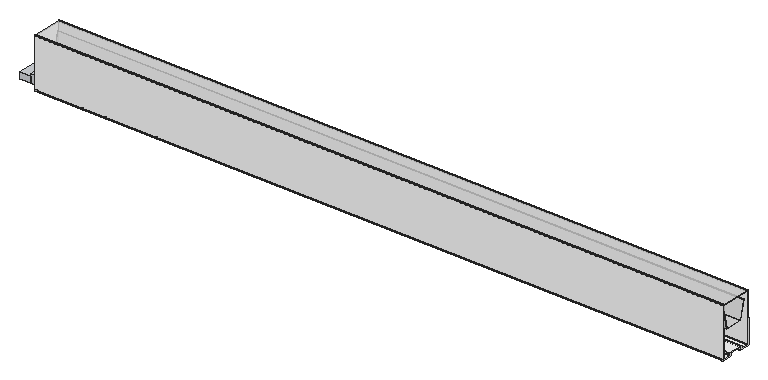
Revit family "2071479", category Lighting Fixtures, host Face, Revit 2022
Family settings
  Host = Face
  Round Connector Dimension = Use Diameter
  Part Type = Normal
  OmniClass Number = 23.80.70.00
  OmniClass Title = Lighting
  Cut with Voids When Loaded = No
  Light Source = Yes
  Maintain Annotation Orientation = No
  Shared = No
  Room Calculation Point = No
Parameters (values of type "MC2 1.2M 3K DALI WHT OPAL")
  Weight = "2.5 kg"
  Wattage Comments = ""
  Wattage = 18 W
  WarrantyStartDate [instance] = "n/a"
  WarrantyGuarantorParts = "n/a"
  WarrantyDurationUnit = "Years"
  WarrantyDurationParts = "5"
  WarrantyDescription = "http://www.sylvania-group.com"
  built-in parameter 1150110 = 1 (stored number, unit not read)
  Voltage = 230 V
  URL = "http://www.sylvania-group.com"
  TypeName = "Mini Continuum II - Direct - Trimless"
  Type Image = <None>
  Type Comments = "n/a"
  built-in parameter 1114217 = 1 (stored number, unit not read)
  Tilt Angle = -90.00°
  built-in parameter 1150109 = 1 (stored number, unit not read)
  built-in parameter 1150134 = (empty or 0)
  built-in parameter 1150113 = 1 (stored number, unit not read)
  SerialNumber [instance] = "n/a"
  Photometric Web File = "2071479.IES"
  Material_3_SYL = Metal_Sylvania_Mini Contiuum II_Silver
  PowerFactor = 0.98
  PowerConsumption = "18 W"
  NominalLength = 1200 mm
  NominalHeight = 86 mm
  NominalDepth = 54 mm
  Name = "MC2 1.2M 3K DALI WHT OPAL"
  ModelReference = Name  # "MC2 1.2M 3K DALI WHT OPAL"
  ModelNumber = "2071479"
  Model = Name  # "MC2 1.2M 3K DALI WHT OPAL"
  Material = "Aluminium"
  ManufacturerName = Manufacturer  # "Feilo Sylvania"
  Manufacturer = "Feilo Sylvania"
  LuminousEfficacy = "128 lm/W"
  built-in parameter 1150105 = 1044.8 (stored number, unit not read)
  Lumens = 2304 lm
  LuminaireType = "Ceiling recessed mounting"
  built-in parameter 1150115 = 1 (stored number, unit not read)
  LightOutputRatio = "100"
  built-in parameter 1150137 = (empty or 0)
  built-in parameter 1150139 = (empty or 0)
  LampsType = Lamp  # "LED"
  LampNominalLuminous = "2300 lm"
  LampMacAdamStep = "3"
  LampColourTemperature = "3000 K"
  LampColourRenderingIndex = "80"
  built-in parameter 1150112 = 1 (stored number, unit not read)
  built-in parameter 1150114 = 1 (stored number, unit not read)
  Lamp = "LED"
  Keynote = "16500"
  InstallationDate [instance] = "n/a"
  InputVoltage = "220-240 V"
  InputNominalFrequency = "50/60Hz"
  built-in parameter 1150132 = (empty or 0)
  built-in parameter 1150102 = (empty or 0)
  built-in parameter 1150107 = 3000 (stored number, unit not read)
  built-in parameter 1150138 = (empty or 0)
  IngressProtection = "IP20"
  ImpactProtectionIndex = "IK03"
  built-in parameter 1150106 = 10.448 (stored number, unit not read)
  IfcExportType = "IfcLightFixtureType"
  IfcExportAs = "IfcLightFixtureType"
  Emit from Rectangle Width = NominalDepth  # 54 mm
  Emit from Rectangle Length = NominalLength  # 1200 mm
  Emit Shape Visible in Rendering = no
  EmergencyLight = no
  ElectricShockClassification = "Class I"
  built-in parameter 1150104 = 11.892 (stored number, unit not read)
  DocumentationLiterature = "https://www.sylvania-lighting.com/product/en-int/products/2071479/"
  DimmingControlOptions = "DALI"
  Material_2_SYL = Polycarbonate_Sylvania_Mini Continuum II_Opal_3000K
  Dimming Lamp Color Temperature Shift = <None>
  Description = "MC2 1.2M 3K DALI WHT OPAL LED luminaire, white RAL9016 finishing, direct distribution, trimless detail for a seamless finish, suitable for recessed, semi-recessed, surface-mounted or suspended installation either horizontally or vertically, various accessories available, compact and minimalist design based on the Golden Mean, ideal for offices, meeting rooms, corridors, education facilities, museums and libraries, extruded aluminium body, diffuser: opal, colour temperature: 3000K warm white, total system power: 18W, total fixture output: 2300lm, luminaire efficacy: 128lm/W, LOR: 100%, colour rendering: Ra >80, LED Chromacity: 3 step MacAdam ellipse, lifespan: 66,000 hours L90B10, IR/UV free light source without heat radiation, operating voltage: 220-240V / 50-60Hz, drive current: 800mA, electronic driver, DALI dimmable, electrical protection: CLASS I, IP20, suitable for internal environment only."
  Default Elevation = 1219.2 mm
  CreatedOn = "12/08/2024"
  CreatedBy = "petra.pavlicz@sylvania-lighting.com"
  Cost = 0
  Color Filter = 16777215
  built-in parameter 1114216 [instance] = (empty or 0)
  ClassificationValue = "EF_70_80"
  ClassificationName = "Uniclass2015"
  Material_1_SYL = Metal_Sylvania_Mini Continuum II_White
  BarCode [instance] = "n/a"
  built-in parameter 1114218 = 1 (stored number, unit not read)
  built-in parameter 1150133 = 10 (stored number, unit not read)
  AssetType = "Fixed"
  AssetIdentifier [instance] = "n/a"
  Assembly Code = "D5020200"
  Apparent Load = 18.4 VA
  Material_4_SYL = none
Reference planes
  plane 1 "Center (Front/Back)": y = 0
  plane 2: z = 0
  plane 3 "Center (Left/Right)": x = 0
  plane 4: y = 27
  plane 5: y = -27
  plane 6: x = -600
  plane 7: x = 600
  plane 8 "Fixture top": z = -83.5
  plane 9 "Fixture bottom": z = 2.5
  plane 10: z = -10.5
  plane 11: x = 572
  plane 12: x = -572
  plane 13: x = 597
  plane 14: x = -597
  plane 15: x = -628
  plane 16 "snap": z = 0
Forms (mm)
  Extrusion 1, solid, material "Polycarbonate_Sylvania_Mini Continuum II_Opal_3000K" <- "Material_2_SYL"
    sketch origin (-4.8, 0, 305.049) x (0, 1, 0) y (0, 0, 1)
      loop
        line (22.233, -315.549) -> (21.206, -315.549) -> (14.206, -345.549) -> (-14.206, -345.549) -> (-21.206, -315.549) -> (-22.233, -315.549) -> (-15, -346.549) -> (15, -346.549) -> (22.233, -315.549)
    from -592.2 to 601.8
  Extrusion 2, solid, material "Polycarbonate_Sylvania_Mini Continuum II_Opal_3000K" <- "Material_2_SYL"
    sketch origin (0, 0, -471) x (0, 1, 0) y (0, 0, 1)
      loop
        line (-25, 473.5) -> (-25, 471.5) -> (25, 471.5) -> (25, 473.5) -> (-25, 473.5)
    from -600 to 600
  Extrusion 3, solid
    sketch origin (384.076, 1524, 1219.2) x (0, 1, 0) y (0, 0, 1)
      loop
        line (-1514.443, -1281.744) -> (-1547.043, -1281.744) -> (-1547.043, -1296.244) -> (-1514.443, -1296.244) -> (-1514.443, -1281.744)
    from -994.076 to -956.076
  Extrusion 4, solid
    sketch origin (319, 1524, 1219.2) x (0, 1, 0) y (0, 0, 1)
      loop
        line (-1514.743, -1284.744) -> (-1546.743, -1284.744) -> (-1546.743, -1296.244) -> (-1514.743, -1296.244) -> (-1514.743, -1284.744)
    from -947 to -929
  Extrusion 5, solid, material "Metal_Sylvania_Mini Continuum II_White", detail levels coarse
    sketch origin (0, 0, 0) x (0, 1, 0) y (0, 0, 1)
      loop
        line (-27, 2.5) -> (-27, -83.5) -> (27, -83.5) -> (27, 2.5) -> (-27, 2.5)
    from -600 to 600
  Extrusion 6, solid, material "Metal_Sylvania_Mini Continuum II_White" <- "Material_1_SYL", detail levels medium+fine
    sketch origin (2400, 0, 0) x (0, 1, 0) y (0, 0, -1)
      loop
        line (-27, -2.5) -> (-25.5, -2.5) -> (-25.5, 80.991)
        arc (-25.5, 80.991) -> (-25.351, 81.351) -> (-24.991, 81.5) r 0.509
        line (-24.991, 81.5) -> (-13.539, 81.5)
        arc (-13.539, 81.5) -> (-13.158, 81.342) -> (-13, 80.961) r 0.539
        line (-13, 80.961) -> (-13, 77.585)
        arc (-13, 77.585) -> (-12.842, 77.202) -> (-12.459, 77.044) r 0.541
        line (-12.459, 77.044) -> (12.459, 77.044)
        arc (12.459, 77.044) -> (12.842, 77.202) -> (13, 77.585) r 0.541
        line (13, 77.585) -> (13, 80.961)
        arc (13, 80.961) -> (13.158, 81.342) -> (13.539, 81.5) r 0.539
        line (13.539, 81.5) -> (24.991, 81.5)
        arc (24.991, 81.5) -> (25.351, 81.351) -> (25.5, 80.991) r 0.509
        line (25.5, 80.991) -> (25.5, -2.5) -> (27, -2.5) -> (27, 83)
        arc (27, 83) -> (26.854, 83.354) -> (26.5, 83.5) r 0.5
        line (26.5, 83.5) -> (11.52, 83.5)
        arc (11.52, 83.5) -> (11.152, 83.348) -> (11, 82.98) r 0.52
        line (11, 82.98) -> (11, 79.574)
        arc (11, 79.574) -> (10.845, 79.199) -> (10.47, 79.044) r 0.53
        line (10.47, 79.044) -> (-10.47, 79.044)
        arc (-10.47, 79.044) -> (-10.845, 79.199) -> (-11, 79.574) r 0.53
        line (-11, 79.574) -> (-11, 82.98)
        arc (-11, 82.98) -> (-11.152, 83.348) -> (-11.52, 83.5) r 0.52
        line (-11.52, 83.5) -> (-26.5, 83.5)
        arc (-26.5, 83.5) -> (-26.854, 83.354) -> (-27, 83) r 0.5
        line (-27, 83) -> (-27, -2.5)
    from 3000 to 1800
Dimensions and locks
  "NominalLength": plane 6 to plane 7
  equal spacing: plane 6, plane 3 "Center (Left/Right)", plane 7
  "NominalHeight": plane 9 "Fixture bottom" to plane 8 "Fixture top"
  equal spacing: plane 4, plane 1 "Center (Front/Back)", plane 5
  locked: imposter light to plane 10 at 13
  locked: plane 6 to plane 12 at 28
  locked: plane 11 to plane 7 at 28
  locked: Extrusion 2 sketch curve to Extrusion 2 sketch curve at 2
  locked: Extrusion 2 sketch curve to Extrusion 2 sketch curve at 50
  locked: plane 13 to plane 7 at 3
  locked: plane 6 to plane 14 at 3
  locked: Extrusion 3 sketch curve to Extrusion 3 sketch curve at 32.6
  locked: Extrusion 3 sketch curve to Extrusion 3 sketch curve at 14.5
  locked: Extrusion 4 sketch curve to Extrusion 4 sketch curve at 32
  Extrusion 4 sketch curve to Extrusion 4 sketch curve = 11.5 mm
  locked: plane 9 "Fixture bottom" to plane 10 at 13
  Extrusion 3 to Extrusion 3 = 38 mm
  locked: Extrusion 4 to Extrusion 4 at 11.5
  locked: Extrusion 3 to Extrusion 3 at 38
  locked: Extrusion 4 to Extrusion 3 at 18
  "NominalDepth": plane 4 to plane 5
  Extrusion 6 to plane 8 "Fixture top" to Extrusion 6 = 0 mm, 2 mm locked  (x2)
  locked: Extrusion 6 to Extrusion 6 at 6.456
  locked: Extrusion 6 to Extrusion 6 at 2  (x2)
  locked: Extrusion 6 to Extrusion 6 at 22
  locked: Extrusion 6 to Extrusion 6 at 1.5  (x2)
  aligned and locked: plane 2 to host face
  aligned and locked: level to host face
  aligned and locked: plane 9 "Fixture bottom" to imposter light
  aligned and locked: plane 10 to Extrusion 1  (x2)
  aligned and locked: plane 7 to Extrusion 2
  aligned and locked: Extrusion 2 to plane 6
  aligned and locked: Extrusion 1 to plane 14
  aligned and locked: Extrusion 1 to plane 13
  aligned and locked: Extrusion 3 to Extrusion 4
  aligned and locked: plane 12 to Extrusion 3
  aligned and locked: plane 5 to Extrusion 5 sketch curve
  aligned and locked: Extrusion 5 sketch curve to plane 4
  aligned and locked: Extrusion 5 sketch curve to imposter light
  aligned and locked: Extrusion 6 to plane 5  (x2)
  aligned and locked: plane 4 to Extrusion 6  (x2)
  aligned and locked: level to plane 16 "snap"
  aligned and locked: plane 9 "Fixture bottom" to Extrusion 2
  aligned and locked: plane 9 "Fixture bottom" to Extrusion 6  (x4)
  aligned and locked: Extrusion 6 to plane 8 "Fixture top"  (x2)
  aligned and locked: Extrusion 5 to plane 5
  aligned and locked: plane 4 to Extrusion 5
  aligned and locked: Extrusion 3 to Extrusion 6
  aligned and locked: Extrusion 6 to imposter light
  aligned and locked: plane 7 to Extrusion 6
  aligned and locked: Extrusion 5 to imposter light
  aligned and locked: plane 7 to Extrusion 5
  aligned and locked: Extrusion 6 to plane 6
  aligned and locked: Extrusion 5 to plane 6
  aligned and locked: Extrusion 5 to plane 8 "Fixture top"
  aligned and locked: Extrusion 6 to Extrusion 2  (x2)
  aligned and locked: plane 9 "Fixture bottom" to Extrusion 5
  aligned and locked: Extrusion 5 to Extrusion 2
Automatic sketch dimensions
  host sketch curve to host sketch curve = 2438.4 mm  (x2)
  Extrusion 1 sketch curve to plane 10 = 0 mm  (x2)
  plane 5 to Extrusion 1 sketch curve = 4.767 mm
  Extrusion 1 sketch curve to Extrusion 1 sketch curve = 1.027 mm  (x2)
  plane 5 to Extrusion 1 sketch curve = 12 mm
  Extrusion 1 sketch curve to Extrusion 1 sketch curve = 0.794 mm  (x2)
  Extrusion 1 sketch curve to plane 4 = 12.794 mm
  Extrusion 1 sketch curve to plane 4 = 5.794 mm
  Extrusion 1 sketch curve to plane 10 = 30 mm
  Extrusion 1 sketch curve to Extrusion 1 sketch curve = 1 mm
  Extrusion 2 sketch curve to plane 9 "Fixture bottom" = 0 mm
  plane 5 to Extrusion 2 sketch curve = 2 mm
  plane 5 to Extrusion 3 sketch curve = 3.957 mm
  plane 8 "Fixture top" to Extrusion 3 sketch curve = 6.456 mm
  plane 5 to Extrusion 4 sketch curve = 4.257 mm
  plane 8 "Fixture top" to Extrusion 4 sketch curve = 6.456 mm
  Extrusion 6 sketch curve to plane 5 = 0 mm
  Extrusion 6 sketch curve to plane 8 "Fixture top" = 0 mm  (x2)
  Extrusion 6 sketch curve to plane 9 "Fixture bottom" = 0 mm  (x2)
  Extrusion 6 sketch curve to plane 4 = 0 mm
  plane 5 to Extrusion 6 sketch curve = 0.5 mm
  plane 5 to Extrusion 6 sketch curve = 1.5 mm
  Extrusion 6 sketch curve to Extrusion 6 sketch curve = 0.509 mm
  plane 8 "Fixture top" to Extrusion 6 sketch curve = 2.539 mm  (x2)
  Extrusion 6 sketch curve to Extrusion 6 sketch curve = 11.451 mm
  Extrusion 6 sketch curve to Extrusion 6 sketch curve = 0.539 mm  (x2)
  Extrusion 6 sketch curve to Extrusion 6 sketch curve = 0.541 mm  (x2)
  Extrusion 6 sketch curve to Extrusion 6 sketch curve = 2.02 mm
  plane 8 "Fixture top" to Extrusion 6 sketch curve = 0.52 mm
  Extrusion 6 sketch curve to Extrusion 6 sketch curve = 0.53 mm  (x2)
  plane 8 "Fixture top" to Extrusion 6 sketch curve = 3.926 mm
  Extrusion 6 sketch curve to plane 1 "Center (Front/Back)" = 10.47 mm
  Extrusion 6 sketch curve to Extrusion 6 sketch curve = 0.52 mm
  Extrusion 6 sketch curve to Extrusion 6 sketch curve = 1.989 mm
  Extrusion 6 sketch curve to plane 4 = 2.009 mm
  Extrusion 6 sketch curve to Extrusion 6 sketch curve = 1.5 mm
  Extrusion 6 sketch curve to plane 4 = 0.5 mm
  Extrusion 6 sketch curve to Extrusion 6 sketch curve = 2 mm
  Extrusion 5 sketch curve to plane 8 "Fixture top" = 0 mm
Connectors
  electrical at (-628, -6.743, -71.294), driven by "Voltage", driven by "Apparent Load", driven by "PowerFactor"
    settings: on Extrusion 4, index 1, voltage 230 V, apparent load 18.4 VA, apparent load phase1 0 VA, apparent load phase2 0 VA, apparent load phase3 0 VA, power factor 0.98, load classification "Lighting", number of poles 1, system type 30, power factor state 1, is connector primary yes, connector utility no, sub classification motor no, connector description ""
